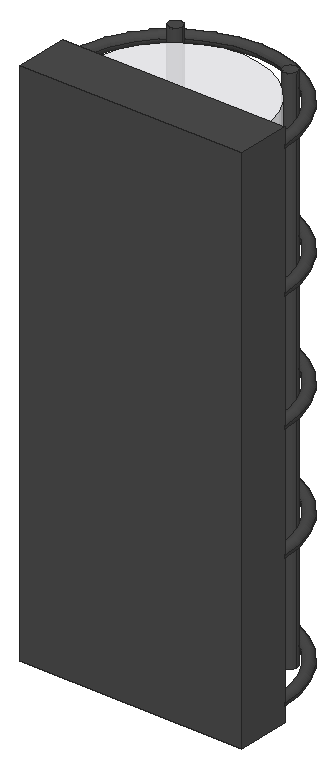
Revit family
Parameters (values of type "Biax 4-Pin 2 -  39W - 277V")
  Width = 0' - 8 3/8"
  Wet Location [instance] = yes
  Watts = 78 W
  Wattage = 38.373 W
  built-in parameter 1150110 = 1 (stored number, unit not read)
  Voltage = 277 V
  URL = "http://teronlighting.com/"
  built-in parameter 1114217 = 0.81 (stored number, unit not read)
  Tilt Angle = 0.00°
  built-in parameter 1150109 = 1 (stored number, unit not read)
  built-in parameter 1150134 = (empty or 0)
  built-in parameter 1150113 = 1 (stored number, unit not read)
  Requires Special Disposal = no
  Remote Battery [instance] = no
  Product Page URL = "http://teronlighting.com/royal-eb-sqr/"
  Product Documentation URL = "http://teronlighting.com/wp-content/uploads/Royal-EB-SQR.pdf"
  Product = "Royal EB SQR"
  Point of Final Manufacture = "Fairfield, OH, USA"
  Photometric Web File = "generic.ies"
  Percentage Pre-Consumer = no
  Percentage Post-Consumer = no
  Number of Lamps = 2
  built-in parameter 1150142 = (empty or 0)
  Mounting Type = "4\" Junction Box"
  Model = "RL - EB - SQR - 139X"
  MasterFormat 2004 Title = "Exterior Lighting"
  MasterFormat 2004 Number = "26.56.00"
  Manufacturer Telephone = "01-513-858-6004"
  Manufacturer Email = "sales@teronlight.com"
  Manufacturer Address = "33 Donald Drive Fairfield, OH 45014"
  Manufacturer = "Teron Lighting"
  Lumens = 5700 lm
  built-in parameter 1150115 = 1 (stored number, unit not read)
  built-in parameter 1150105 = 453.59 (stored number, unit not read)
  built-in parameter 1150137 = (empty or 0)
  built-in parameter 1150139 = 0.81 (stored number, unit not read)
  Length [instance] = 1' - 8 1/8"
  built-in parameter 1150112 = 1 (stored number, unit not read)
  built-in parameter 1150114 = 1 (stored number, unit not read)
  Lamp Base = "4-Pin"
  Lamp = "2 - 39W Biax 4-Pin"
  Integral Battery [instance] = no
  built-in parameter 1150132 = 2
  built-in parameter 1150102 = (empty or 0)
  built-in parameter 1150138 = 4100 (stored number, unit not read)
  built-in parameter 1150107 = 4100 (stored number, unit not read)
  Industry Standards = "ETL, Buy America Act, Vandal Resistant"
  built-in parameter 1150106 = 4.5359 (stored number, unit not read)
  Fused [instance] = no
  Fixture Material = Paint - TLI - Textured Black
  Fixture = "Steel"
  Finish = "Textured Black"
  Emergency Light Fixture [instance] = no
  Electronic Ballast [instance] = yes
  built-in parameter 1150104 = 13.8 (stored number, unit not read)
  Distributor Locations = "USA, Canada, Puerto Rico"
  Dimming Lamp Color Temperature Shift = (empty or 0)
  Dimming Ballast [instance] = no
  Diffuser Material = Polycarbonate - TLI - Luminous White
  Diffuser = "Polycarbonate - Luminous White"
  Description = "Architectectural Outdoor"
  Depth [instance] = 0' - 6 1/8"
  Date Created = "8.1.2011"
  Created By = "RenderSpec  http://rederspec.com"
  Cost = 0
  Conditions of Use = "Elements are representations. Color and detail may differ from actual product. Information is for general use and should be reviewed by a Professional."
  Color Filter = 16777215
  built-in parameter 1114218 = 1 (stored number, unit not read)
  built-in parameter 1150133 = 10 (stored number, unit not read)
  Apparent Load = 78 VA
  Amps = Watts / Voltage / 1 A  # 0.28159
  ADA Compliant = no
Types (8): name | Watts | Wattage | Voltage | Model | Lumens | built-in parameter 1150105 | Lamp | built-in parameter 1150106 | Apparent Load | Amps
  QE 2 -  26W - 120V | 52 W | 24.2356 W | 120 V | "RL - EB - SQR - 226X" | 3600 lm | 286.48 (stored number, unit not read) | "2 - 26W QE" | 2.8648 (stored number, unit not read) | 52 VA | 0.43333
  QE 2 -  26W - 277V | 52 W | 24.2356 W | 277 V | "RL - EB - SQR - 226X" | 3600 lm | 286.48 (stored number, unit not read) | "2 - 26W QE" | 2.8648 (stored number, unit not read) | 52 VA | 0.18773
  TBX 2 -  32W - 120V | 64 W | 32.3141 W | 120 V | "RL - EB - SQR - 232X" | 4800 lm | 381.97 (stored number, unit not read) | "2 - 32W TBX" | 3.8197 (stored number, unit not read) | 64 VA | 0.53333
  TBX 2 -  32W - 277V | 64 W | 32.3141 W | 277 V | "RL - EB - SQR - 232X" | 4800 lm | 381.97 (stored number, unit not read) | "2 - 32W TBX" | 3.8197 (stored number, unit not read) | 64 VA | 0.23105
  Biax 4-Pin 2 -  27W - 120V | 54 W | 24.2356 W | 120 V | "RL - EB - SQR - 139X" | 3600 lm | 286.48 (stored number, unit not read) | "2 - 27W Biax 4-Pin" | 2.8648 (stored number, unit not read) | 54 VA | 0.45
  Biax 4-Pin 2 -  27W - 277V | 54 W | 24.2356 W | 277 V | "RL - EB - SQR - 139X" | 3600 lm | 286.48 (stored number, unit not read) | "2 - 27W Biax 4-Pin" | 2.8648 (stored number, unit not read) | 54 VA | 0.19495
  Biax 4-Pin 2 -  39W - 120V | 78 W | 38.373 W | 120 V | "RL - EB - SQR - 139X" | 5700 lm | 453.59 (stored number, unit not read) | "2 - 39W Biax 4-Pin" | 4.5359 (stored number, unit not read) | 78 VA | 0.65
  Biax 4-Pin 2 -  39W - 277V | 78 W | 38.373 W | 277 V | "RL - EB - SQR - 139X" | 5700 lm | 453.59 (stored number, unit not read) | "2 - 39W Biax 4-Pin" | 4.5359 (stored number, unit not read) | 78 VA | 0.28159
Reference planes (in)
  plane 1: y = 0
  plane 2 "Light Source Axis (L/R)": x = 4.92126
  plane 3 "Light Source Axis (F/R)": y = 4.95276
  plane 4 "Light Source Elevation": z = 60
  plane 5: y = 7.95276
  plane 6: y = 9.07776
  plane 7: y = 3.95276
  plane 8: z = 70.0625
  plane 9: z = 49.9375
  plane 10: x = 9.10876
  plane 11: x = 0.73376
Forms (in)
  Sweep 1, solid, material "Paint - TLI - Textured Black" <- "Fixture Material"
    path origin (0, 0, 60.1375) x (1, 0, 0) y (0, 1, 0)
      loop
        arc (8.92126, 4.95276) -> (4.92126, 8.95276) -> (0.92126, 4.95276) r 4
    profile origin (4.92126, 8.95276, 60.1375) x (0, -1, 0) y (0, 0, 1)
      loop
        circle (0, -0.2) r 0.2
  Extrusion 2, solid, material "Paint - TLI - Textured Black" <- "Fixture Material"
    sketch origin (0, 0, 70.0625) x (1, 0, 0) y (0, 1, 0)
      loop
        line (0.73376, 2.95276) -> (9.10876, 2.95276) -> (9.10876, 4.95276) -> (0.73376, 4.95276) -> (0.73376, 2.95276)
    from 0 to -20.125
  Sweep 3, solid, material "Paint - TLI - Textured Black" <- "Fixture Material"
    path origin (0, 0, 69.63161) x (1, 0, 0) y (0, 1, 0)
      loop
        arc (8.92126, 4.95276) -> (4.92126, 8.95276) -> (0.92126, 4.95276) r 4
    profile origin (4.92126, 8.95276, 69.63161) x (0, -1, 0) y (0, 0, 1)
      loop
        circle (0, -0.2) r 0.2
  Sweep 4, solid, material "Paint - TLI - Textured Black" <- "Fixture Material"
    path origin (0, 0, 64.63161) x (1, 0, 0) y (0, 1, 0)
      loop
        arc (8.92126, 4.95276) -> (4.92126, 8.95276) -> (0.92126, 4.95276) r 4
    profile origin (4.92126, 8.95276, 64.63161) x (0, -1, 0) y (0, 0, 1)
      loop
        circle (0, -0.2) r 0.2
  Extrusion 5, solid, material "Paint - TLI - Textured Black" <- "Fixture Material"
    sketch origin (0, 0, 70.0625) x (1, 0, 0) y (0, 1, 0)
      loop
        circle (2.75722, 7.7615) r 0.25
      loop
        circle (7.0853, 7.7615) r 0.25
    from 0 to -20.125
  Extrusion 6, solid, material "Polycarbonate - TLI - Luminous White" <- "Diffuser Material"
    sketch origin (0, 0, 70.0625) x (1, 0, 0) y (0, 1, 0)
      loop
        line (1.67126, 4.95276) -> (8.17126, 4.95276)
        arc (8.17126, 4.95276) -> (4.92126, 8.20276) -> (1.67126, 4.95276) r 3.25
    from -0.43453 to -19.68029
  Sweep 7, solid, material "Paint - TLI - Textured Black" <- "Fixture Material"
    path origin (0, 0, 50.36839) x (0, -1, 0) y (1, 0, 0)
      loop
        arc (-4.95276, 8.92126) -> (-8.95276, 4.92126) -> (-4.95276, 0.92126) r 4
    profile origin (4.92126, 8.95276, 50.36839) x (0, -1, 0) y (0, 0, 1)
      loop
        circle (0, 0.2) r 0.2
  Sweep 8, solid, material "Paint - TLI - Textured Black" <- "Fixture Material"
    path origin (0, 0, 55.36839) x (0, -1, 0) y (1, 0, 0)
      loop
        arc (-4.95276, 8.92126) -> (-8.95276, 4.92126) -> (-4.95276, 0.92126) r 4
    profile origin (4.92126, 8.95276, 55.36839) x (0, -1, 0) y (0, 0, 1)
      loop
        circle (0, 0.2) r 0.2
Text (in)
  text "Placement side" at (-70.3598, 43.96769, 0), in view "Ref. Level"
  text "Placement side" at (0, 83.08644, 117.56134), in view "Left"
  text "Placement side" at (0, 24.74324, 118.58137), in view "Right"
Dimensions and locks (in)
  host wall to plane 5 = 0' - 5"
  host wall to plane 6 = 0' - 6 1/8"
  "Depth": host wall to plane 6
  equal spacing: plane 9, plane 4 "Light Source Elevation", plane 8
  "Length": plane 9 to plane 8
  "Width": plane 10 to plane 11
  aligned and locked: plane 1 to host wall
  aligned and locked: plane 2 "Light Source Axis (L/R)" to imposter light
  aligned and locked: plane 3 "Light Source Axis (F/R)" to imposter light
  aligned and locked: plane 4 "Light Source Elevation" to imposter light
  aligned and locked: nested 1 to host wall
Automatic sketch dimensions
  plane 3 "Light Source Axis (F/R)" to Sweep 1 sketch curve = 0' - 0"
  Sweep 1 sketch curve to plane 2 "Light Source Axis (L/R)" = 0' - 0"
  plane 11 to Sweep 1 sketch curve = 0' - 0 3/16"
  Sweep 1 sketch curve to profile plane = 0' - 0"
  Sweep 1 sketch curve to profile plane = 0' - 0.2"
  plane 3 "Light Source Axis (F/R)" to Extrusion 2 sketch curve = 0' - 0"
  Extrusion 2 sketch curve to plane 11 = 0' - 0"
  Extrusion 2 sketch curve to plane 10 = 0' - 0"
  Extrusion 2 sketch curve to host wall = 0' - 0"
  plane 3 "Light Source Axis (F/R)" to Sweep 3 sketch curve = 0' - 0"
  Sweep 3 sketch curve to plane 2 "Light Source Axis (L/R)" = 0' - 0"
  plane 11 to Sweep 3 sketch curve = 0' - 0 3/16"
  Sweep 3 sketch curve to profile plane = 0' - 0"
  Sweep 3 sketch curve to profile plane = 0' - 0.2"
  plane 3 "Light Source Axis (F/R)" to Sweep 4 sketch curve = 0' - 0"
  Sweep 4 sketch curve to plane 2 "Light Source Axis (L/R)" = 0' - 0"
  plane 11 to Sweep 4 sketch curve = 0' - 0 3/16"
  Sweep 4 sketch curve to profile plane = 0' - 0"
  Sweep 4 sketch curve to profile plane = 0' - 0.2"
  Extrusion 5 sketch curve to plane 5 = 0' - 0.19126"  (x2)
  plane 11 to Extrusion 5 sketch curve = 0' - 2.02346"
  Extrusion 5 sketch curve to plane 10 = 0' - 2.02346"
  plane 3 "Light Source Axis (F/R)" to Extrusion 6 sketch curve = 0' - 0"
  Extrusion 6 sketch curve to plane 2 "Light Source Axis (L/R)" = 0' - 0"
  plane 11 to Extrusion 6 sketch curve = 0' - 0 15/16"
  plane 3 "Light Source Axis (F/R)" to Sweep 7 sketch curve = 0' - 0"
  Sweep 7 sketch curve to plane 2 "Light Source Axis (L/R)" = 0' - 0"
  plane 11 to Sweep 7 sketch curve = 0' - 0 3/16"
  Sweep 7 sketch curve to profile plane = 0' - 0"
  profile plane to Sweep 7 sketch curve = 0' - 0.2"
  plane 3 "Light Source Axis (F/R)" to Sweep 8 sketch curve = 0' - 0"
  Sweep 8 sketch curve to plane 2 "Light Source Axis (L/R)" = 0' - 0"
  plane 11 to Sweep 8 sketch curve = 0' - 0 3/16"
  Sweep 8 sketch curve to profile plane = 0' - 0"
  profile plane to Sweep 8 sketch curve = 0' - 0.2"
  radius of Sweep 1 sketch curve = 0' - 0.2"
  radius of Sweep 3 sketch curve = 0' - 0.2"
  radius of Sweep 4 sketch curve = 0' - 0.2"
  radius of Extrusion 5 sketch curve = 0' - 0 1/4"  (x2)
  radius of Sweep 7 sketch curve = 0' - 0.2"
  radius of Sweep 8 sketch curve = 0' - 0.2"
Nested families (in)
  nested 1: "Wall Mounted Light Fixture" at (4.92126, 2.95276, 0), type "Wall Mounted Light Fixture"
    with Emergency Light Fixture no
Connectors (in)
  electrical at (4.92126, 2.95276, 60), driven by "Voltage", driven by "Apparent Load"
    settings: on Extrusion 2, index 1, voltage 277 V, apparent load 78 VA, apparent load phase1 0 VA, apparent load phase2 0 VA, apparent load phase3 0 VA, power factor 1, load classification "Other", number of poles 1, system type 30, power factor state 1, is connector primary yes, connector utility no, sub classification motor no, connector description ""
Definition of nested family "Wall Mounted Light Fixture"
  Parameters (values of type "Wall Mounted Light Fixture")
    Emergency Light Fixture [instance] = no
  Reference planes (in)
    plane 1: y = 0
    plane 2: x = 0
  Lines and regions (in)
    detail lines, built-in parameter 1006310 <- "Emergency Light Fixture"
      curve 1: circle (0, 0.125, 0) r 0.0625 normal (0, 0, 1)
    detail lines
      curve 2: line (-0.0625, 0, 0) -> (0.0625, 0, 0)
      curve 3: line (0, 0, 0) -> (0, 0.0625, 0)
